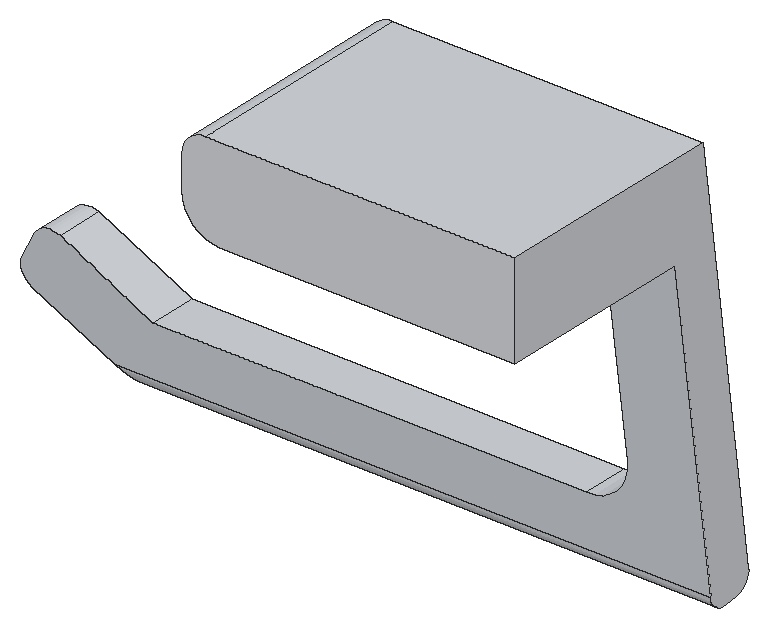
Revit family "LQ6120001_Portarrollo", category Furniture, host Wall, Revit 2019
Family settings
  Host = Wall
  OmniClass Number = 23.31.25.19
  OmniClass Title = Restroom Paper Towel Accessories
  Always vertical = Yes
  Cut with Voids When Loaded = No
  Shared = No
  Room Calculation Point = No
Parameters (values of type "Type 1")
  Uso = "Residencial"  # constant formula
  URL = "https://corona.co/productos/accesorios/porta-rollo-liquid/p/LQ6120001"
  Tecnologías = "DuraCrome"  # constant formula
  Resistencia = "Resistente a la corrosión\r\npelado y decoloración por agua\r\nResistencia al peso general hasta 9 kg\r\nResistencia al peso del toallero barra hasta 23 kg"  # constant formula
  Referencia = "LQ6030001"  # constant formula
  Profundidad = 61.3 mm  # constant formula
  Número de piezas = "6"  # constant formula
  Material = Corona_Niquel
  Manufacturer = "Corona"  # constant formula
  Línea = "Liquid"  # constant formula
  Garantía Acabados = "5 años en acabados"  # constant formula
  Garantía = "30 años en estructura"  # constant formula
  Fecha de creación = "9/10/2020"  # constant formula
  Description = "El Porta rollo Liquid, galardonado con el premio de diseño internacional Red Dot Design Award, es la mejor forma de modernizar tu baño y darle un toque único, mientras te proporciona seguridad y funcionalidad con una resistencia de hasta 9 kilos de carga. ¡Adquiérelo ahora!"  # constant formula
  Creado por = "IDD"  # constant formula
  Componentes = "Percha - Toallero - Jabonera - Barra - Cepillera - Portarrollo"  # constant formula
  Colección = "Liquid"  # constant formula
  Ancho = 145.3 mm  # constant formula
  Altura = 900 mm
  Alto = 89.8 mm  # constant formula
Reference planes
  plane 1 "Wall": y = 0
  plane 2 "Center (Left/Right)": x = 125
  plane 3 "Back": y = 75
  plane 4: z = 900
  plane 5: x = 197.65
  plane 6: x = 52.35
  plane 7: z = 944.9
  plane 8: z = 855.1
  plane 9: y = 136.3
Forms (mm)
  Extrusion 1, solid, material "Corona_Niquel" <- "Material", detail levels coarse
    sketch origin (125, 0, 0) x (0, 1, 0) y (0, 0, 1)
      loop
        line (135.65, 944.9) -> (74.35, 944.9) -> (74.35, 855.037) -> (135.65, 855.037) -> (135.65, 944.9)
    from -71.322 to 72.65
Text (mm)
  text "Placement Side" at (-1848.837, 1116.779, 0), in view "Ref. Level"
  text "Placement side" at (0, 1409.804, 2854.306), in view "Left"
  text "Placement side" at (0, 499.811, 2980.732), in view "Right"
Dimensions and locks
  locked: plane 3 "Back" to host wall
  equal spacing: plane 8, plane 4, plane 7
  "Alto": plane 8 to plane 7
  equal spacing: plane 6, plane 2 "Center (Left/Right)", plane 5
  "Ancho": plane 6 to plane 5
  "Profundidad": plane 9 to host wall
  plane 4 to plane 8 = 44.9 mm
  "Altura": plane 4 to level
  aligned and locked: plane 1 "Wall" to host wall
  aligned and locked: nested 1 to plane 7
  aligned and locked: nested 3 to plane 7
  aligned and locked: nested 3 to plane 5
  aligned and locked: nested 4 to plane 9
  aligned and locked: nested 4 to plane 5
  aligned and locked: plane 7 to nested 2
  aligned and locked: nested 2 to plane 6
Automatic sketch dimensions
  Extrusion 1 sketch curve to plane 7 = 0 mm
  Extrusion 1 sketch curve to host wall = 0.65 mm
  Extrusion 1 sketch curve to plane 8 = 0.063 mm
  plane 9 to Extrusion 1 sketch curve = 0.65 mm
Nested families
  nested 1: "Lateral" at (125, 75, 855.1) x (0, -1, 0) z (1, 0, 0), type "Lateral"
  nested 2: "Portarrollo" at (197.65, 105, 855.1) x (-1, 0, 0) z (0, 0, 1), type "Portarrollo"
  nested 3: "Frontal" at (197.65, 0, 855.1) x (-1, 0, 0) z (0, -1, 0), type "Frontal"
  nested 4: "Planta" at (52.35, 75, 0), type "Planta"
Definition of nested family "Portarrollo"
  Parameters (values of type "Portarrollo")
    Profundidad = 61.3 mm
    Material = none
    Ancho = 145.3 mm
    Alto = 89.8 mm
  Reference planes
    plane 1 "Center (Front/Back)": y = 0
    plane 2: z = 0
    plane 3 "Center (Left/Right)": x = 0
    plane 4: x = 145.3
    plane 5: y = 30.65
    plane 6: y = -30.65
    plane 7: z = 89.8
    plane 8: x = 70.15
  Forms (mm)
    Extrusion 1, solid, material <- "Material", detail levels medium+fine
      sketch origin (250, 0.039, 0) x (0, -1, 0) y (0, 0, 1)
        loop
          line (30.681, 4.34) -> (18.182, 93.273) -> (-30.65, 93.273) -> (-30.65, 69.8) -> (11.383, 69.8) -> (20.778, 2.948)
          arc (20.778, 2.948) -> (22.138, 0.64) -> (24.731, -0.031) r 3.5
          line (24.731, -0.031) -> (27.702, 0.387)
          arc (27.702, 0.387) -> (30.01, 1.746) -> (30.681, 4.34) r 3.5
      from 104.7 to 250
    Extrusion 2, void
      sketch origin (0, 0, 0) x (1, 0, 0) y (0, 0, 1)
        loop
          line (157.831, -7.116) -> (157.831, 101.695) -> (0.15, 101.695) -> (0.15, 89.748) -> (65.15, 89.748)
          arc (65.15, 89.748) -> (68.686, 88.283) -> (70.15, 84.748) r 5
          line (70.15, 84.748) -> (70.15, 77.8)
          arc (70.15, 77.8) -> (67.807, 72.143) -> (62.15, 69.8) r 8
          line (62.15, 69.8) -> (25, 69.8)
          arc (25, 69.8) -> (17.929, 66.871) -> (15, 59.8) r 10
          line (15, 59.8) -> (15, 24.935)
          arc (15, 24.935) -> (17.929, 17.864) -> (25, 14.935) r 10
          line (25, 14.935) -> (115.981, 14.935) -> (134.336, 25.533)
          arc (134.336, 25.533) -> (137.371, 25.932) -> (139.8, 24.069) r 4
          line (139.8, 24.069) -> (143.3, 18.006)
          arc (143.3, 18.006) -> (143.7, 14.971) -> (141.836, 12.542) r 4
          line (141.836, 12.542) -> (107.787, -7.116) -> (157.831, -7.116)
      from -47.087 to 250
    Extrusion 3, solid, material <- "Material", detail levels coarse
      sketch origin (0, 0, 0) x (1, 0, 0) y (0, 1, 0)
        loop
          line (0, 30.65) -> (0, -30.65) -> (145.3, -30.65) -> (145.3, 30.65) -> (0, 30.65)
      from 0 to 89.8
  Cuts and joins
    Extrusion 2 cuts Extrusion 1
  Dimensions and locks
    equal spacing: plane 5, plane 1 "Center (Front/Back)", plane 6
    "Profundidad": plane 5 to plane 6
    "Ancho": plane 3 "Center (Left/Right)" to plane 4
    "Alto": plane 7 to level
    aligned and locked: level to plane 2
    aligned and locked: Extrusion 1 to plane 4
    aligned and locked: Extrusion 1 to plane 3 "Center (Left/Right)"
    aligned and locked: Extrusion 3 sketch curve to plane 5
    aligned and locked: plane 4 to Extrusion 3 sketch curve
    aligned and locked: plane 6 to Extrusion 3 sketch curve
    aligned and locked: Extrusion 3 sketch curve to cut or joined group of Extrusion 1, Extrusion 2
  Automatic sketch dimensions
    plane 8 to Extrusion 2 sketch curve = 0 mm
    Extrusion 2 sketch curve to Extrusion 2 sketch curve = 5 mm
    Extrusion 2 sketch curve to Extrusion 2 sketch curve = 3 mm
    plane 3 "Center (Left/Right)" to Extrusion 2 sketch curve = 25 mm  (x2)
    Extrusion 2 sketch curve to Extrusion 2 sketch curve = 10 mm
    Extrusion 2 sketch curve to level = 7.116 mm
    plane 4 to Extrusion 2 sketch curve = 37.513 mm
    Extrusion 2 sketch curve to Extrusion 2 sketch curve = 8.193 mm
    plane 4 to Extrusion 2 sketch curve = 10.964 mm
    Extrusion 2 sketch curve to Extrusion 2 sketch curve = 2 mm  (x2)
    Extrusion 2 sketch curve to Extrusion 2 sketch curve = 3.464 mm  (x2)
    plane 4 to Extrusion 2 sketch curve = 5.464 mm
    plane 4 to Extrusion 2 sketch curve = 3.464 mm
    plane 4 to Extrusion 2 sketch curve = 2 mm
    Extrusion 2 sketch curve to plane 4 = 12.531 mm
    level to Extrusion 2 sketch curve = 12.542 mm
    level to Extrusion 2 sketch curve = 14.935 mm
    Extrusion 2 sketch curve to Extrusion 2 sketch curve = 6.062 mm
    Extrusion 2 sketch curve to plane 7 = 30 mm
    Extrusion 2 sketch curve to plane 7 = 5.052 mm
    plane 3 "Center (Left/Right)" to Extrusion 2 sketch curve = 0.15 mm
    plane 7 to Extrusion 2 sketch curve = 11.895 mm
    plane 5 to Extrusion 1 sketch curve = 0.039 mm
    plane 1 "Center (Front/Back)" to Extrusion 1 sketch curve = 11.344 mm
    plane 7 to Extrusion 1 sketch curve = 3.473 mm
    plane 6 to Extrusion 1 sketch curve = 12.507 mm
    level to Extrusion 1 sketch curve = 2.948 mm
    plane 6 to Extrusion 1 sketch curve = 9.911 mm
    Extrusion 1 sketch curve to Extrusion 1 sketch curve = 3.466 mm
    Extrusion 1 sketch curve to level = 0.031 mm
    Extrusion 1 sketch curve to Extrusion 1 sketch curve = 0.487 mm
    Extrusion 1 sketch curve to Extrusion 1 sketch curve = 2.971 mm
    level to Extrusion 1 sketch curve = 0.387 mm
    plane 6 to Extrusion 1 sketch curve = 2.987 mm
    plane 6 to Extrusion 1 sketch curve = 0.008 mm
    Extrusion 1 sketch curve to Extrusion 1 sketch curve = 0.418 mm
    Extrusion 1 sketch curve to plane 7 = 20 mm
Definition of nested family "Lateral"
  Reference planes
    plane 1 "Center (Front/Back)": y = 0
    plane 2: z = 0
    plane 3 "Center (Left/Right)": x = 0
    plane 4: y = 89.8
    plane 5: x = -61.3
  Lines and regions (mm)
    detail lines, in view "Ref. Level"
      curve 1: line (-60.299, 5.676, 0) -> (-46.923, 81.536, 0)
      curve 2: line (-37.075, 89.8, 0) -> (0, 89.8, 0)
      curve 3: line (0, 89.8, 0) -> (0, 69.8, 0)
      curve 4: line (0, 69.8, 0) -> (-38.838, 69.8, 0)
      curve 5: line (-38.838, 69.8, 0) -> (-50.451, 3.939, 0)
      curve 6: line (-55.085, 0.695, 0) -> (-57.055, 1.042, 0)
      curve 7: arc (-57.055, 1.042, 0) -> (-59.637, 2.687, 0) -> (-60.299, 5.676, 0) r 4
      curve 8: arc (-50.451, 3.939, 0) -> (-52.096, 1.357, 0) -> (-55.085, 0.695, 0) r 4
      curve 9: arc (-46.923, 81.536, 0) -> (-43.503, 87.46, 0) -> (-37.075, 89.8, 0) r 10
Definition of nested family "Frontal"
  Reference planes
    plane 1 "Center (Front/Back)": y = 0
    plane 2: z = 0
    plane 3 "Center (Left/Right)": x = 0
    plane 4: x = 145.3
    plane 5: y = 89.8
  Lines and regions (mm)
    detail lines, in view "Ref. Level"
      curve 1: line (20, 0, 0) -> (114.585, 0, 0)
      curve 2: line (0, 79.8, 0) -> (0, 20, 0)
      curve 3: line (70.65, 89.8, 0) -> (10, 89.8, 0)
      curve 4: arc (20, 0, 0) -> (5.858, 5.858, 0) -> (0, 20, 0) r 20
      curve 5: arc (0, 79.8, 0) -> (2.929, 86.871, 0) -> (10, 89.8, 0) r 10
      curve 6: line (77.65, 82.8, 0) -> (77.65, 76.8, 0)
      curve 7: line (70.65, 69.8, 0) -> (35, 69.8, 0)
      curve 8: line (20, 15, 0) -> (114.585, 15, 0)
      curve 9: arc (20, 15, 0) -> (16.464, 16.464, 0) -> (15, 20, 0) r 5
      curve 10: line (15, 49.8, 0) -> (15, 20, 0)
      curve 11: arc (15, 49.8, 0) -> (20.858, 63.942, 0) -> (35, 69.8, 0) r 20
      curve 12: arc (77.65, 76.8, 0) -> (75.6, 71.85, 0) -> (70.65, 69.8, 0) r 7
      curve 13: arc (77.65, 82.8, 0) -> (75.6, 87.75, 0) -> (70.65, 89.8, 0) r 7
      curve 14: line (138.826, 6.269, 0) -> (141.694, 7.859, 0)
      curve 15: arc (114.585, 0, 0) -> (127.104, 1.593, 0) -> (138.826, 6.269, 0) r 50
      curve 16: arc (114.585, 15, 0) -> (123.348, 16.115, 0) -> (131.553, 19.388, 0) r 35
      curve 17: line (131.553, 19.388, 0) -> (134.422, 20.978, 0)
      curve 18: line (144.422, 17.375, 0) -> (143.938, 18.249, 0)
      curve 19: arc (134.422, 20.978, 0) -> (139.745, 21.585, 0) -> (143.938, 18.249, 0) r 7
      curve 20: arc (141.694, 7.859, 0) -> (145.029, 12.052, 0) -> (144.422, 17.375, 0) r 7
  Dimensions and locks
    aligned and locked: plane 1 "Center (Front/Back)" to curve 1
    aligned and locked: curve 2 to plane 3 "Center (Left/Right)"
    aligned and locked: plane 5 to curve 3
Definition of nested family "Planta"
  Reference planes
    plane 1 "Center (Front/Back)": y = 0
    plane 2: z = 0
    plane 3 "Center (Left/Right)": x = 0
    plane 4: x = 145.3
    plane 5: y = 61.3
  Lines and regions (mm)
    detail lines, in view "Ref. Level"
      curve 1: line (145.3, 0, 0) -> (75.3, 0, 0)
      curve 2: line (145.3, 61.3, 0) -> (145.3, 0, 0)
      curve 3: line (75.3, 0, 0) -> (75.3, 46.3, 0)
      curve 4: line (145.3, 61.3, 0) -> (0, 61.3, 0)
      curve 5: line (0, 46.3, 0) -> (75.3, 46.3, 0)
      curve 6: line (0, 61.3, 0) -> (0, 46.3, 0)
